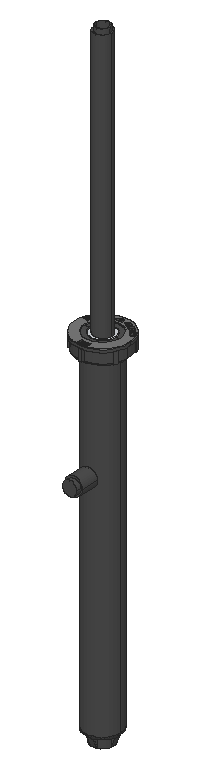
Revit family "Spray Bodies RD1800-S-P-30-F-NP Series", category Acessórios do tubo, Revit 2020
Family settings
  Cota do conector redondo = Utilizar diâmetro
  Tipo de parte = Normal
  Número OmniClass = 23.60.30.11.14
  Título OmniClass = Pipework Fittings
  Com base no plano de trabalho = Não
  Sempre na vertical = Sim
  Corte com vazios quando carregada = Não
  Compartilhado = Não
Parameters (values of type "RD1812-S-P-30-F-NP")
  White Plastic = Purple Plastic
  URL = "https://www.rainbird.com/"
  SupportProjetos: Reviw Date = "15/11/2020"  # constant formula
  SupportProjetos: Reviw = "R01"  # constant formula
  SupportProjetos: Level of Detail = "LOD 300"  # constant formula
  SupportProjetos: Developed = "MICHEL SOARES MOTA"  # constant formula
  SupportProjetos: Creation Date = "13/07/2020"  # constant formula
  Side inlet = Model > 1805  # yes
  RainBird: Product Link = "https://store.rainbird.com/sprinklers/spray-heads.html?sprays_sprayheadseries=117"
  RainBird: Description = "Spray Bodies Serie ED1800 - Model RD1812-S-P-30-F-NP"
  RainBird: Comment [instance] = ""
  RT = 0.3015 cm
  RN = 1 cm
  R5 = 1 cm
  R4 = 1.25 cm
  R3 = 2 cm
  R2 = 2.85 cm
  R1 = 1 cm
  R-VAN = yes
  Pop up height = 30.5 cm
  Pop up on [instance] = yes
  Modelo = "RD1812-S-P-30-F-NP"
  Model = 1812
  H1 = Body height / 3  # 13.5333 cm
  Elevação padrão = 0 cm
  Descrição = RainBird: Description  # "Spray Bodies Serie ED1800 - Model RD1812-S-P-30-F-NP"
  DT8 = 0.08 cm
  DT7 = 3.05 cm
  DT6 = 2 cm
  DT5 = 0.12 cm
  DT4 = 0.5 cm
  DT3 = 0.7973 cm
  DT2 = 1 cm
  DT1 = 1.4 cm
  DD9 = 2 cm
  DD8 [instance] = if(Pop up on, Pop up height, 0 cm)  # 30.5 cm
  DD7 = 0.6 cm
  DD6 = 0.3 cm
  DD5 = 0.2 cm
  DD3 = 1.8 cm
  DD2 = 0.5 cm
  DD13 = 1.5 cm
  DD12 [instance] = if(Pop up on, Pop up height + 1.51 cm, 0 cm)  # 32.01 cm
  DD11 = 0.6254 cm
  DD10 = 2.5 cm
  DD1 = 1.2 cm
  Conection = 1.91 cm  # constant formula
  Body height = 40.6 cm
  Black Plastic 2 = Black Plastic 2
  Black Plastic = Black Plastic
  Arch Angle [instance] = 180.00°
  AA1 = 135.00°
  1812 = yes
  1806 = no
  1804 = no
  180 = no
Types (4, lengths in cm): name | Side inlet | RainBird: Description | Pop up height | Modelo | Model | H1 | Descrição | DD9 | DD8 | DD12 | DD11 | DD10 | Body height | 1812 | 1806 | 1804 | 180
  (no name) | yes | "Spray Bodies Serie ED1800 - Model RD1812-S-P-30-F-NP" | 30.5 | "RD1812-S-P-30-F-NP" | 1812 | 13.5333 | "Spray Bodies Serie ED1800 - Model RD1812-S-P-30-F-NP" | 2 | 30.5 | 32.01 | 0.6254 | 2.5 | 40.6 | yes | no | no | no
  RD1804-S-P-30-F-NP | no | "Spray Bodies Serie RD1800 - Model RD1804-S-P-30-F-NP" | 10.2 | "RD1804-S-P-30-F-NP" | 1804 | 5.0667 | "Spray Bodies Serie RD1800 - Model RD1804-S-P-30-F-NP" | 1.3673 | 10.2 | 11.71 | 0.2 | 2.7818 | 15.2 | no | no | yes | yes
  RD1806-S-P-30-F-NP | yes | "Spray Bodies Serie RD1800 - Model RD1806-S-P-30-F-NP" | 15.2 | "RD1806-S-P-30-F-NP" | 1806 | 7.9333 | "Spray Bodies Serie RD1800 - Model RD1806-S-P-30-F-NP" | 1.3673 | 15.2 | 16.71 | 0.1 | 2.7818 | 23.8 | no | yes | no | yes
  RD1812-S-P-30-F-NP | yes | "Spray Bodies Serie ED1800 - Model RD1812-S-P-30-F-NP" | 30.5 | "RD1812-S-P-30-F-NP" | 1812 | 13.5333 | "Spray Bodies Serie ED1800 - Model RD1812-S-P-30-F-NP" | 2 | 30.5 | 32.01 | 0.6254 | 2.5 | 40.6 | yes | no | no | no
Reference planes (cm)
  plane 1 "Centro (Frente/Trás)": y = 0
  plane 2: z = 0
  plane 3 "Centro (Esquerda/Direita)": x = 0
  plane 4: z = 0.12
  plane 5: z = 0.08
  plane 6: y = -2
Forms (cm)
  Revolve 1, solid, material "Black Plastic" <- "Black Plastic"
    sketch origin (0, 0, 0) x (1, 0, 0) y (0, 0, 1)
      loop
        line (2.85, -1.5672) -> (2.85, -0.3) -> (3.05, -0.3) -> (3.05, 0) -> (1.4, 0) -> (1.4, -1) -> (1, -1) -> (1, -30.5) -> (0.6, -30.5) -> (0.6, -39.4) -> (1, -39.4) -> (1, -40.6) -> (1.25, -40.6) -> (1.25, -39.4) -> (1.6985, -39.4)
        arc (1.6985, -39.4) -> (1.9117, -39.3117) -> (2, -39.0985) r 0.3015
        line (2, -39.0985) -> (2, -2.1015)
        arc (2, -2.1015) -> (2.0883, -1.8883) -> (2.3015, -1.8) r 0.3015
        line (2.3015, -1.8) -> (2.6172, -1.8) -> (2.85, -1.5672)
      axis (0, -40.6) -> (0, 0)
    angle from 0 to 360
  Extrusion 2, solid, material "Black Plastic" <- "Black Plastic"
    sketch origin (0, 0, 0) x (1, 0, 0) y (0, 1, 0)
      loop
        circle (0, 0) r 1
    from -30.5 to 30.5
  Extrusion 3, void
    sketch origin (0, 0, 0) x (1, 0, 0) y (0, 1, 0)
      loop
        circle (0, 0) r 1
      loop
        circle (0, 0) r 0.7973
    from 30 to 30.5
  Extrusion 4, solid, material "Black Plastic" <- "Black Plastic", visible <- "180"
    sketch origin (0, -2.5, 0) x (1, 0, 0) y (0, 1, 0)
      loop
        line (-2.231, 3.2135) -> (-2.1644, 3.3339) -> (-2.3679, 3.3844) -> (-2.2992, 3.5085) -> (-2.0365, 3.4904) -> (-1.9715, 3.608) -> (-2.2887, 3.6298) -> (-2.4263, 3.706) -> (-2.6398, 3.6445) -> (-2.8298, 3.3622) -> (-2.231, 3.2135)
      loop
        line (-2.6663, 3.4585) -> (-2.4339, 3.4008) -> (-2.3526, 3.5478) -> (-2.4178, 3.6107) -> (-2.5587, 3.5701) -> (-2.6663, 3.4585)
      loop
        line (-1.9163, 3.7039) -> (-1.8175, 3.8064) -> (-1.8808, 3.8933) -> (-1.7232, 4.0568) -> (-1.6371, 4.0092) -> (-1.5763, 4.1193) -> (-2.1283, 4.1963) -> (-2.2118, 4.1098) -> (-1.9163, 3.7039)
      loop
        line (-2.0723, 4.0915) -> (-1.9537, 3.9286) -> (-1.8139, 4.0736) -> (-2.0723, 4.0915)
      loop
        line (-1.8177, 4.5186) -> (-1.3486, 4.2146) -> (-1.2727, 4.2934) -> (-1.7417, 4.5974) -> (-1.8177, 4.5186)
      loop
        line (-1.1151, 4.372) -> (-1.0305, 4.4599) -> (-1.2636, 4.6846) -> (-0.7593, 4.6142) -> (-0.6667, 4.7103) -> (-1.0803, 5.0567) -> (-1.1605, 4.9984) -> (-0.8466, 4.7354) -> (-1.4131, 4.8145) -> (-1.5049, 4.7477) -> (-1.1151, 4.372)
      loop
        line (-0.4562, 4.9237) -> (-0.283, 4.8466) -> (-0.0843, 4.7934) -> (0, 4.9138) -> (0.2358, 4.8722) -> (0.2981, 4.9345) -> (0.116, 5.0156) -> (0.2085, 5.1477) -> (-0.0336, 5.3172) -> (-0.0336, 5.1849) -> (-0.0336, 5.0821) -> (-0.1724, 5.1439) -> (-0.2428, 5.1033) -> (-0.1476, 5.0081) -> (-0.274, 4.9621) -> (-0.4562, 4.9237)
      loop
        line (0.6147, 4.7728) -> (0.9327, 4.5929) -> (1.0885, 4.5721) -> (1.1808, 4.6694) -> (1.1317, 4.7723) -> (1.2619, 4.7549) -> (1.334, 4.8309) -> (1.2754, 4.9539) -> (0.9573, 5.1338) -> (0.6147, 4.7728)
      loop
        line (0.8462, 4.8897) -> (0.7501, 4.7884) -> (0.9556, 4.6722) -> (1.0744, 4.6732) -> (1.0734, 4.7801) -> (0.8462, 4.8897)
      loop
        line (0.9989, 5.0507) -> (0.9222, 4.9699) -> (1.1173, 4.8595) -> (1.2037, 4.8602) -> (1.1883, 4.9435) -> (0.9989, 5.0507)
      loop
        line (1.2199, 4.4305) -> (1.3171, 4.3754) -> (1.7079, 4.7092) -> (1.6106, 4.7642) -> (1.2199, 4.4305)
      loop
        line (1.9335, 4.5079) -> (1.472, 4.2878) -> (1.5637, 4.2008) -> (1.7245, 4.2775) -> (1.8813, 4.1484) -> (1.7689, 4.0299) -> (1.857, 3.9063) -> (1.985, 3.9976) -> (2.0031, 4.1334) -> (2.1114, 4.0951) -> (2.2369, 4.155) -> (2.156, 4.3246) -> (1.9335, 4.5079)
      loop
        line (1.9261, 4.4053) -> (1.8225, 4.3559) -> (1.9436, 4.2141) -> (2.1112, 4.2155) -> (2.0556, 4.3321) -> (1.9261, 4.4053)
      loop
        line (1.9557, 3.8215) -> (2.1968, 3.4836) -> (2.3925, 3.4143) -> (2.7137, 3.5675) -> (2.6804, 3.6964) -> (2.4921, 3.9603) -> (1.9557, 3.8215)
      loop
        line (2.1302, 3.7523) -> (2.2577, 3.5736) -> (2.4889, 3.5756) -> (2.5959, 3.652) -> (2.4629, 3.8384) -> (2.1302, 3.7523)
      loop
        line (-0.516, -0.0627) -> (-0.4245, -0.0627) -> (-0.4245, -0.3834) -> (-0.3366, -0.3834) -> (-0.3366, 0.1166) -> (-0.516, -0.0627)
      loop
        line (-0.2745, 0.1165) -> (-0.2745, -0.3834) -> (-0.0345, -0.3834) -> (-0.0345, 0.1165) -> (-0.2745, 0.1165)
      loop
        line (-0.1945, 0.0365) -> (-0.1945, -0.0861) -> (-0.1145, -0.0861) -> (-0.1145, 0.0365) -> (-0.1945, 0.0365)
      loop
        line (-0.1945, -0.1661) -> (-0.1945, -0.3034) -> (-0.1145, -0.3034) -> (-0.1145, -0.1661) -> (-0.1945, -0.1661)
      loop
        line (0.0395, 0.1165) -> (0.0395, -0.3834) -> (0.2795, -0.3834) -> (0.2795, 0.1165) -> (0.0395, 0.1165)
      loop
        line (0.1195, 0.0365) -> (0.1195, -0.3034) -> (0.1995, -0.3034) -> (0.1995, 0.0365) -> (0.1195, 0.0365)
    from 0 to 0.12
  Extrusion 5, solid, material "Black Plastic 2" <- "Black Plastic 2"
    sketch origin (0, 0, 0) x (1, 0, 0) y (0, 1, 0)
      loop
        circle (0, 0) r 3.05
      loop
        circle (0, 0) r 2
    from 0 to 0.08
  Extrusion 6, solid, material "Black Plastic" <- "Black Plastic", visible <- "Side inlet"
    sketch origin (0, 0, 0) x (1, 0, 0) y (0, 0, 1)
      loop
        circle (0, -13.5333) r 1
    from 2 to 4
  Extrusion 7, solid, material "Black Plastic" <- "Black Plastic", visible <- "Side inlet"
    sketch origin (0, 0, 0) x (1, 0, 0) y (0, 0, 1)
      loop
        circle (0, -13.5333) r 0.7964
    from 4 to 4.5
  Extrusion 8, void
    sketch origin (0, 0, 0) x (1, 0, 0) y (0, 1, 0)
      loop
        circle (0, 0) r 0.6963
    from -30.5 to 30.5
  Extrusion 9, solid, material "Black Plastic" <- "Black Plastic"
    sketch origin (0, 0, 0) x (0, 1, 0) y (0, 0, 1)
      loop
        line (1.25, -39.4) -> (1.25, -40.6) -> (1.75, -39.4) -> (1.25, -39.4)
      loop
        line (-1.25, -39.4) -> (-1.75, -39.4) -> (-1.25, -40.6) -> (-1.25, -39.4)
    from -0.3127 to 0.3127
  Extrusion 10, solid, material "Black Plastic" <- "Black Plastic"
    sketch origin (0, 0, 0) x (-1, 0, 0) y (0, 0, 1)
      loop
        line (1.25, -39.4) -> (1.25, -40.6) -> (1.75, -39.4) -> (1.25, -39.4)
      loop
        line (-1.25, -39.4) -> (-1.75, -39.4) -> (-1.25, -40.6) -> (-1.25, -39.4)
    from -0.3127 to 0.3127
  Extrusion 11, solid, material "Black Plastic" <- "Black Plastic", visible <- "1804"
    sketch origin (0.5778, -2.5, 0) x (1, 0, 0) y (0, 1, 0)
      loop
        line (-0.268, -0.156) -> (-0.108, -0.156) -> (-0.108, -0.3834) -> (-0.024, -0.3834) -> (-0.024, 0.1165) -> (-0.108, 0.1165) -> (-0.108, -0.0861) -> (-0.188, -0.0861) -> (-0.188, 0.1165) -> (-0.268, 0.1165) -> (-0.268, -0.156)
    from 0 to 0.12
  Extrusion 12, solid, material "Black Plastic" <- "Black Plastic", visible <- "1806"
    sketch origin (0.5778, -2.5, 0) x (1, 0, 0) y (0, 1, 0)
      loop
        line (-0.268, -0.3834) -> (-0.024, -0.3834) -> (-0.024, -0.0861) -> (-0.188, -0.0861) -> (-0.188, 0.0365) -> (-0.024, 0.0365) -> (-0.024, 0.1165) -> (-0.268, 0.1165) -> (-0.268, -0.3834)
      loop
        line (-0.188, -0.1661) -> (-0.188, -0.3034) -> (-0.108, -0.3034) -> (-0.108, -0.1661) -> (-0.188, -0.1661)
    from 0 to 0.12
  Extrusion 13, solid, material "Black Plastic" <- "Black Plastic", visible <- "1812"
    sketch origin (0, -2.5, 0) x (1, 0, 0) y (0, 1, 0)
      loop
        line (-2.231, 3.2135) -> (-2.1644, 3.3339) -> (-2.3679, 3.3844) -> (-2.2992, 3.5085) -> (-2.0365, 3.4904) -> (-1.9715, 3.608) -> (-2.2887, 3.6298) -> (-2.4263, 3.706) -> (-2.6398, 3.6445) -> (-2.8298, 3.3622) -> (-2.231, 3.2135)
      loop
        line (-2.6663, 3.4585) -> (-2.4339, 3.4008) -> (-2.3526, 3.5478) -> (-2.4178, 3.6107) -> (-2.5587, 3.5701) -> (-2.6663, 3.4585)
      loop
        line (-1.9163, 3.7039) -> (-1.8175, 3.8064) -> (-1.8808, 3.8933) -> (-1.7232, 4.0568) -> (-1.6371, 4.0092) -> (-1.5763, 4.1193) -> (-2.1283, 4.1963) -> (-2.2118, 4.1098) -> (-1.9163, 3.7039)
      loop
        line (-2.0723, 4.0915) -> (-1.9537, 3.9286) -> (-1.8139, 4.0736) -> (-2.0723, 4.0915)
      loop
        line (-1.8177, 4.5186) -> (-1.3486, 4.2146) -> (-1.2727, 4.2934) -> (-1.7417, 4.5974) -> (-1.8177, 4.5186)
      loop
        line (-1.1151, 4.372) -> (-1.0305, 4.4599) -> (-1.2636, 4.6846) -> (-0.7593, 4.6142) -> (-0.6667, 4.7103) -> (-1.0803, 5.0567) -> (-1.1605, 4.9984) -> (-0.8466, 4.7354) -> (-1.4131, 4.8145) -> (-1.5049, 4.7477) -> (-1.1151, 4.372)
      loop
        line (-0.4562, 4.9237) -> (-0.283, 4.8466) -> (-0.0843, 4.7934) -> (0, 4.9138) -> (0.2358, 4.8722) -> (0.2981, 4.9345) -> (0.116, 5.0156) -> (0.2085, 5.1477) -> (-0.0336, 5.3172) -> (-0.0336, 5.1849) -> (-0.0336, 5.0821) -> (-0.1724, 5.1439) -> (-0.2428, 5.1033) -> (-0.1476, 5.0081) -> (-0.274, 4.9621) -> (-0.4562, 4.9237)
      loop
        line (0.6147, 4.7728) -> (0.9327, 4.5929) -> (1.0885, 4.5721) -> (1.1808, 4.6694) -> (1.1317, 4.7723) -> (1.2619, 4.7549) -> (1.334, 4.8309) -> (1.2754, 4.9539) -> (0.9573, 5.1338) -> (0.6147, 4.7728)
      loop
        line (0.8462, 4.8897) -> (0.7501, 4.7884) -> (0.9556, 4.6722) -> (1.0744, 4.6732) -> (1.0734, 4.7801) -> (0.8462, 4.8897)
      loop
        line (0.9989, 5.0507) -> (0.9222, 4.9699) -> (1.1173, 4.8595) -> (1.2037, 4.8602) -> (1.1883, 4.9435) -> (0.9989, 5.0507)
      loop
        line (1.2199, 4.4305) -> (1.3171, 4.3754) -> (1.7079, 4.7092) -> (1.6106, 4.7642) -> (1.2199, 4.4305)
      loop
        line (1.9335, 4.5079) -> (1.472, 4.2878) -> (1.5637, 4.2008) -> (1.7245, 4.2775) -> (1.8813, 4.1484) -> (1.7689, 4.0299) -> (1.857, 3.9063) -> (1.985, 3.9976) -> (2.0031, 4.1334) -> (2.1114, 4.0951) -> (2.2369, 4.155) -> (2.156, 4.3246) -> (1.9335, 4.5079)
      loop
        line (1.9261, 4.4053) -> (1.8225, 4.3559) -> (1.9436, 4.2141) -> (2.1112, 4.2155) -> (2.0556, 4.3321) -> (1.9261, 4.4053)
      loop
        line (1.9557, 3.8215) -> (2.1968, 3.4836) -> (2.3925, 3.4143) -> (2.7137, 3.5675) -> (2.6804, 3.6964) -> (2.4921, 3.9603) -> (1.9557, 3.8215)
      loop
        line (2.1302, 3.7523) -> (2.2577, 3.5736) -> (2.4889, 3.5756) -> (2.5959, 3.652) -> (2.4629, 3.8384) -> (2.1302, 3.7523)
      loop
        line (-0.516, -0.0625) -> (-0.4245, -0.0625) -> (-0.4245, -0.3832) -> (-0.3366, -0.3832) -> (-0.3366, 0.1168) -> (-0.516, -0.0625)
      loop
        line (-0.2745, 0.1166) -> (-0.2745, -0.3832) -> (-0.0345, -0.3832) -> (-0.0345, 0.1166) -> (-0.2745, 0.1166)
      loop
        line (-0.1945, 0.0366) -> (-0.1945, -0.086) -> (-0.1145, -0.086) -> (-0.1145, 0.0366) -> (-0.1945, 0.0366)
      loop
        line (-0.1945, -0.166) -> (-0.1945, -0.3032) -> (-0.1145, -0.3032) -> (-0.1145, -0.166) -> (-0.1945, -0.166)
      loop
        line (0.2795, 0.1166) -> (0.1002, -0.0625) -> (0.1916, -0.0625) -> (0.1916, -0.3831) -> (0.2795, -0.3831) -> (0.2795, 0.1166)
      loop
        line (0.3097, 0.1165) -> (0.3097, 0.0365) -> (0.4697, 0.0365) -> (0.4697, -0.0861) -> (0.3097, -0.0861) -> (0.3097, -0.3834) -> (0.5537, -0.3834) -> (0.5537, -0.3032) -> (0.3897, -0.3032) -> (0.3897, -0.1664) -> (0.5537, -0.1664) -> (0.5537, 0.1165) -> (0.3097, 0.1165)
    from 0 to 0.12
  Extrusion 14, solid, material "Black Plastic" <- "Black Plastic"
    sketch origin (0, 0, 0) x (1, 0, 0) y (0, 1, 0)
      loop
        line (-0.1873, 3.0442) -> (-0.1873, 2.8126)
        arc (-0.1873, 2.8126) -> (0, 2.8188) -> (0.1873, 2.8126) r 2.8188
        line (0.1873, 2.8126) -> (0.1873, 3.0442)
        arc (0.1873, 3.0442) -> (0, 3.05) -> (-0.1873, 3.0442) r 3.05
      loop
        arc (-0.1873, -3.0442) -> (0, -3.05) -> (0.1873, -3.0442) r 3.05
        line (0.1873, -3.0442) -> (0.1873, -2.8126)
        arc (0.1873, -2.8126) -> (0, -2.8188) -> (-0.1873, -2.8126) r 2.8188
        line (-0.1873, -2.8126) -> (-0.1873, -3.0442)
      loop
        line (-2.73, 1.3599) -> (-2.5294, 1.2441)
        arc (-2.5294, 1.2441) -> (-2.4411, 1.4094) -> (-2.3421, 1.5685) r 2.8188
        line (-2.3421, 1.5685) -> (-2.5427, 1.6843)
        arc (-2.5427, 1.6843) -> (-2.6414, 1.525) -> (-2.73, 1.3599) r 3.05
      loop
        arc (2.5427, -1.6843) -> (2.6414, -1.525) -> (2.73, -1.3599) r 3.05
        line (2.73, -1.3599) -> (2.5294, -1.2441)
        arc (2.5294, -1.2441) -> (2.4411, -1.4094) -> (2.3421, -1.5685) r 2.8188
        line (2.3421, -1.5685) -> (2.5427, -1.6843)
      loop
        line (-2.5427, -1.6843) -> (-2.3421, -1.5685)
        arc (-2.3421, -1.5685) -> (-2.4411, -1.4094) -> (-2.5294, -1.2441) r 2.8188
        line (-2.5294, -1.2441) -> (-2.73, -1.3599)
        arc (-2.73, -1.3599) -> (-2.6414, -1.525) -> (-2.5427, -1.6843) r 3.05
      loop
        arc (2.73, 1.3599) -> (2.6414, 1.525) -> (2.5427, 1.6843) r 3.05
        line (2.5427, 1.6843) -> (2.3421, 1.5685)
        arc (2.3421, 1.5685) -> (2.4411, 1.4094) -> (2.5294, 1.2441) r 2.8188
        line (2.5294, 1.2441) -> (2.73, 1.3599)
    from -1.5672 to -0.3
Cuts and joins
  Extrusion 3, Extrusion 8 cuts Extrusion 2
Dimensions and locks (cm)
  "Body height": level to Revolve 1 sketch curve
  "R2": Revolve 1 sketch curve to plane 3 "Centro (Esquerda/Direita)"
  "DD1": Revolve 1 sketch curve to Revolve 1 sketch curve
  "DD3": level to Revolve 1 sketch curve
  "R3": Revolve 1 sketch curve to plane 3 "Centro (Esquerda/Direita)"
  "R4": Revolve 1 sketch curve to plane 3 "Centro (Esquerda/Direita)"
  "DD5": Revolve 1 sketch curve to Revolve 1 sketch curve
  "DD6": level to Revolve 1 sketch curve
  "RN": Revolve 1 sketch curve to plane 3 "Centro (Esquerda/Direita)"
  "Pop up height": level to Revolve 1 sketch curve
  "R5": plane 3 "Centro (Esquerda/Direita)" to Revolve 1 sketch curve
  "DD7": Revolve 1 sketch curve to plane 3 "Centro (Esquerda/Direita)"
  "DT1": plane 3 "Centro (Esquerda/Direita)" to Revolve 1 sketch curve
  "DT2": level to Revolve 1 sketch curve
  "DD8": Extrusion 2 to level
  "DT4": cut or joined group of Extrusion 2, Extrusion 3, Extrusion 8 to cut or joined group of Extrusion 2, Extrusion 3, Extrusion 8
  "DT5": plane 4 to level
  "DT8": plane 5 to level
  "H1": level to Extrusion 6 sketch curve
  "R3": plane 6 to plane 1 "Centro (Frente/Trás)"
  "DD9": Extrusion 6 to plane 6
  locked: Extrusion 7 to Extrusion 6 at 0.5
  "H1": level to Extrusion 7 sketch curve
  equal spacing: Extrusion 9, plane 3 "Centro (Esquerda/Direita)", Extrusion 9
  "DD11": Extrusion 9 to Extrusion 9
  equal spacing: Extrusion 10, plane 1 "Centro (Frente/Trás)", Extrusion 10
  "DD11": Extrusion 10 to Extrusion 10
  plane 3 "Centro (Esquerda/Direita)" to Extrusion 14 = 0.1873 cm
  "RT": radius of Revolve 1 sketch curve  (x2)
  "R1": radius of Extrusion 2 sketch curve
  "R1": radius of Extrusion 3 sketch curve
  "DT3": radius of Extrusion 3 sketch curve
  "DT6": radius of Extrusion 5 sketch curve
  "DT7": radius of Extrusion 5 sketch curve
  "AA1": angle Revolve 1 sketch curve to Revolve 1 sketch curve
  aligned and locked: level to plane 2
  aligned and locked: level to Revolve 1 sketch curve
  aligned and locked: Revolve 1 sketch curve to Revolve 1 sketch curve
  aligned and locked: Extrusion 2 to Revolve 1
  aligned and locked: cut or joined group of Extrusion 2, Extrusion 3, Extrusion 8 to cut or joined group of Extrusion 2, Extrusion 3, Extrusion 8  (x3)
  aligned and locked: Extrusion 4 to level
  aligned and locked: plane 4 to Extrusion 4
  aligned and locked: Extrusion 5 to level
  aligned and locked: plane 5 to Extrusion 5
  aligned and locked: plane 6 to Extrusion 6
  aligned and locked: Extrusion 7 to Extrusion 6
  aligned and locked: Extrusion 9 to Revolve 1
  aligned and locked: Extrusion 10 to Revolve 1
  aligned and locked: Revolve 1 to Extrusion 10
  aligned and locked: Revolve 1 to Extrusion 9
  aligned and locked: Revolve 1 to Extrusion 14  (x2)
Automatic sketch dimensions
  plane 1 "Centro (Frente/Trás)" to Extrusion 2 sketch curve = 0 cm
  Extrusion 2 sketch curve to plane 3 "Centro (Esquerda/Direita)" = 0 cm
  Extrusion 4 sketch curve to plane 3 "Centro (Esquerda/Direita)" = 0 cm
  Extrusion 4 sketch curve to plane 3 "Centro (Esquerda/Direita)" = 0.0336 cm
  Extrusion 4 sketch curve to plane 3 "Centro (Esquerda/Direita)" = 0.0345 cm
  Extrusion 4 sketch curve to plane 3 "Centro (Esquerda/Direita)" = 0.0843 cm
  Extrusion 4 sketch curve to plane 3 "Centro (Esquerda/Direita)" = 0.1145 cm
  Extrusion 4 sketch curve to Extrusion 4 sketch curve = 0.08 cm  (x11)
  Extrusion 4 sketch curve to Extrusion 4 sketch curve = 0.114 cm
  Extrusion 4 sketch curve to Extrusion 4 sketch curve = 0.0248 cm
  Extrusion 4 sketch curve to Extrusion 4 sketch curve = 0.0704 cm
  Extrusion 4 sketch curve to Extrusion 4 sketch curve = 0.1264 cm
  Extrusion 4 sketch curve to Extrusion 4 sketch curve = 0.009 cm
  Extrusion 4 sketch curve to Extrusion 4 sketch curve = 0.0622 cm  (x3)
  Extrusion 4 sketch curve to Extrusion 4 sketch curve = 0.0879 cm
  Extrusion 4 sketch curve to Extrusion 4 sketch curve = 0.1822 cm
  Extrusion 4 sketch curve to Extrusion 4 sketch curve = 0.0914 cm
  Extrusion 4 sketch curve to Extrusion 4 sketch curve = 0.2105 cm
  Extrusion 4 sketch curve to Extrusion 4 sketch curve = 0.0927 cm
  Extrusion 4 sketch curve to Extrusion 4 sketch curve = 0.0872 cm  (x2)
  Extrusion 4 sketch curve to Extrusion 4 sketch curve = 0.2711 cm
  Extrusion 4 sketch curve to Extrusion 4 sketch curve = 0.2338 cm
  Extrusion 4 sketch curve to Extrusion 4 sketch curve = 0.0847 cm  (x2)
  Extrusion 4 sketch curve to Extrusion 4 sketch curve = 0.0802 cm
  Extrusion 4 sketch curve to Extrusion 4 sketch curve = 0.2331 cm
  Extrusion 4 sketch curve to Extrusion 4 sketch curve = 0.1575 cm
  Extrusion 4 sketch curve to Extrusion 4 sketch curve = 0.0759 cm  (x2)
  Extrusion 4 sketch curve to Extrusion 4 sketch curve = 0.1495 cm
  Extrusion 4 sketch curve to Extrusion 4 sketch curve = 0.0917 cm  (x2)
  Extrusion 4 sketch curve to Extrusion 4 sketch curve = 0.2277 cm
  Extrusion 4 sketch curve to Extrusion 4 sketch curve = 0.0609 cm  (x2)
  Extrusion 4 sketch curve to Extrusion 4 sketch curve = 0.0861 cm
  Extrusion 4 sketch curve to Extrusion 4 sketch curve = 0.2369 cm
  Extrusion 4 sketch curve to Extrusion 4 sketch curve = 0.0907 cm
  Extrusion 4 sketch curve to Extrusion 4 sketch curve = 0.0037 cm
  Extrusion 4 sketch curve to Extrusion 4 sketch curve = 0.0633 cm
  Extrusion 4 sketch curve to Extrusion 4 sketch curve = 0.0988 cm
  Extrusion 4 sketch curve to Extrusion 4 sketch curve = 0.0729 cm
  Extrusion 4 sketch curve to Extrusion 4 sketch curve = 0.0551 cm
  Extrusion 4 sketch curve to plane 1 "Centro (Frente/Trás)" = 0.9904 cm
  Extrusion 4 sketch curve to Extrusion 4 sketch curve = 0.065 cm
  Extrusion 4 sketch curve to Extrusion 4 sketch curve = 0.1186 cm
  Extrusion 4 sketch curve to Extrusion 4 sketch curve = 0.056 cm
  Extrusion 4 sketch curve to plane 1 "Centro (Frente/Trás)" = 0.8339 cm
  Extrusion 4 sketch curve to Extrusion 4 sketch curve = 0.1279 cm
  Extrusion 4 sketch curve to Extrusion 4 sketch curve = 0.0835 cm
  Extrusion 4 sketch curve to plane 1 "Centro (Frente/Trás)" = 0.7135 cm
  Extrusion 4 sketch curve to Extrusion 4 sketch curve = 0.0666 cm  (x2)
  Extrusion 4 sketch curve to plane 1 "Centro (Frente/Trás)" = 1.1298 cm
  Extrusion 4 sketch curve to Extrusion 4 sketch curve = 0.2521 cm
  Extrusion 4 sketch curve to plane 1 "Centro (Frente/Trás)" = 1.0085 cm
  Extrusion 4 sketch curve to Extrusion 4 sketch curve = 0.0106 cm
  Extrusion 4 sketch curve to plane 1 "Centro (Frente/Trás)" = 1.0478 cm
  Extrusion 4 sketch curve to Extrusion 4 sketch curve = 0.0534 cm
  Extrusion 4 sketch curve to plane 1 "Centro (Frente/Trás)" = 0.8844 cm
  Extrusion 4 sketch curve to Extrusion 4 sketch curve = 0.0686 cm
  Extrusion 4 sketch curve to plane 1 "Centro (Frente/Trás)" = 1.1107 cm
  Extrusion 4 sketch curve to Extrusion 4 sketch curve = 0.0652 cm
  Extrusion 4 sketch curve to plane 1 "Centro (Frente/Trás)" = 1.206 cm
  Extrusion 4 sketch curve to Extrusion 4 sketch curve = 0.0084 cm
  Extrusion 4 sketch curve to plane 1 "Centro (Frente/Trás)" = 0.9008 cm
  Extrusion 4 sketch curve to Extrusion 4 sketch curve = 0.066 cm
  Extrusion 4 sketch curve to plane 1 "Centro (Frente/Trás)" = 1.0701 cm
  Extrusion 4 sketch curve to Extrusion 4 sketch curve = 0.1408 cm
  Extrusion 4 sketch curve to plane 1 "Centro (Frente/Trás)" = 1.1445 cm
  Extrusion 4 sketch curve to Extrusion 4 sketch curve = 0.0811 cm  (x2)
  Extrusion 4 sketch curve to plane 1 "Centro (Frente/Trás)" = 0.9585 cm
  Extrusion 4 sketch curve to Extrusion 4 sketch curve = 0.1076 cm
  Extrusion 4 sketch curve to plane 1 "Centro (Frente/Trás)" = 0.8622 cm
  Extrusion 4 sketch curve to Extrusion 4 sketch curve = 0.1635 cm
  plane 3 "Centro (Esquerda/Direita)" to Extrusion 4 sketch curve = 0.0395 cm
  plane 3 "Centro (Esquerda/Direita)" to Extrusion 4 sketch curve = 0.116 cm
  Extrusion 4 sketch curve to Extrusion 4 sketch curve = 0.0925 cm
  Extrusion 4 sketch curve to Extrusion 4 sketch curve = 0.1199 cm
  Extrusion 4 sketch curve to Extrusion 4 sketch curve = 0.3166 cm
  Extrusion 4 sketch curve to Extrusion 4 sketch curve = 0.1353 cm
  Extrusion 4 sketch curve to Extrusion 4 sketch curve = 0.0961 cm  (x2)
  Extrusion 4 sketch curve to Extrusion 4 sketch curve = 0.076 cm  (x2)
  Extrusion 4 sketch curve to Extrusion 4 sketch curve = 0.1827 cm
  Extrusion 4 sketch curve to Extrusion 4 sketch curve = 0.0229 cm
  Extrusion 4 sketch curve to Extrusion 4 sketch curve = 0.0351 cm
  Extrusion 4 sketch curve to Extrusion 4 sketch curve = 0.0416 cm
  Extrusion 4 sketch curve to Extrusion 4 sketch curve = 0.1178 cm
  Extrusion 4 sketch curve to Extrusion 4 sketch curve = 0.0009 cm
  Extrusion 4 sketch curve to Extrusion 4 sketch curve = 0.0141 cm
  Extrusion 4 sketch curve to Extrusion 4 sketch curve = 0.0439 cm
  Extrusion 4 sketch curve to Extrusion 4 sketch curve = 0.0583 cm
  Extrusion 4 sketch curve to Extrusion 4 sketch curve = 0.1064 cm
  Extrusion 4 sketch curve to Extrusion 4 sketch curve = 0.071 cm
  Extrusion 4 sketch curve to Extrusion 4 sketch curve = 0.0154 cm
  Extrusion 4 sketch curve to Extrusion 4 sketch curve = 0.1314 cm
  Extrusion 4 sketch curve to Extrusion 4 sketch curve = 0.0871 cm
  Extrusion 4 sketch curve to Extrusion 4 sketch curve = 0.0973 cm  (x3)
  Extrusion 4 sketch curve to Extrusion 4 sketch curve = 0.0721 cm
  Extrusion 4 sketch curve to Extrusion 4 sketch curve = 0.1549 cm
  Extrusion 4 sketch curve to Extrusion 4 sketch curve = 0.2766 cm
  Extrusion 4 sketch curve to Extrusion 4 sketch curve = 0.1608 cm
  Extrusion 4 sketch curve to Extrusion 4 sketch curve = 0.0443 cm
  Extrusion 4 sketch curve to Extrusion 4 sketch curve = 0.098 cm
  Extrusion 4 sketch curve to Extrusion 4 sketch curve = 0.0882 cm
  Extrusion 4 sketch curve to Extrusion 4 sketch curve = 0.1125 cm
  Extrusion 4 sketch curve to Extrusion 4 sketch curve = 0.1036 cm
  Extrusion 4 sketch curve to Extrusion 4 sketch curve = 0.0073 cm
  Extrusion 4 sketch curve to Extrusion 4 sketch curve = 0.0623 cm
  Extrusion 4 sketch curve to Extrusion 4 sketch curve = 0.0987 cm
  Extrusion 4 sketch curve to Extrusion 4 sketch curve = 0.128 cm
  Extrusion 4 sketch curve to Extrusion 4 sketch curve = 0.0595 cm
  Extrusion 4 sketch curve to Extrusion 4 sketch curve = 0.1295 cm
  Extrusion 4 sketch curve to Extrusion 4 sketch curve = 0.0556 cm
  Extrusion 4 sketch curve to Extrusion 4 sketch curve = 0.1083 cm
  Extrusion 4 sketch curve to Extrusion 4 sketch curve = 0.1745 cm
  Extrusion 4 sketch curve to Extrusion 4 sketch curve = 0.1004 cm
  Extrusion 4 sketch curve to plane 1 "Centro (Frente/Trás)" = 0.9836 cm
  Extrusion 4 sketch curve to Extrusion 4 sketch curve = 0.1255 cm
  Extrusion 4 sketch curve to plane 1 "Centro (Frente/Trás)" = 1.0736 cm
  Extrusion 4 sketch curve to plane 1 "Centro (Frente/Trás)" = 0.9143 cm
  Extrusion 4 sketch curve to Extrusion 4 sketch curve = 0.1957 cm
  Extrusion 4 sketch curve to Extrusion 4 sketch curve = 0.2053 cm
  Extrusion 4 sketch curve to plane 1 "Centro (Frente/Trás)" = 1.0756 cm
  Extrusion 4 sketch curve to Extrusion 4 sketch curve = 0.0964 cm
  Extrusion 4 sketch curve to Extrusion 4 sketch curve = 0.0292 cm
  Extrusion 4 sketch curve to plane 1 "Centro (Frente/Trás)" = 1.152 cm
  Extrusion 4 sketch curve to Extrusion 4 sketch curve = 0.107 cm
  Extrusion 4 sketch curve to plane 1 "Centro (Frente/Trás)" = 1.1964 cm
  Extrusion 4 sketch curve to Extrusion 4 sketch curve = 0.0844 cm
  Extrusion 4 sketch curve to plane 1 "Centro (Frente/Trás)" = 1.0675 cm
  Extrusion 4 sketch curve to Extrusion 4 sketch curve = 0.0333 cm
  Extrusion 4 sketch curve to plane 6 = 0.3834 cm
  Extrusion 4 sketch curve to Extrusion 4 sketch curve = 0.0001 cm
  Extrusion 4 sketch curve to Extrusion 4 sketch curve = 0 cm  (x4)
  Extrusion 4 sketch curve to Extrusion 4 sketch curve = 0.1793 cm
  Extrusion 4 sketch curve to Extrusion 4 sketch curve = 0.1226 cm
  Extrusion 4 sketch curve to Extrusion 4 sketch curve = 0.1372 cm
  Extrusion 4 sketch curve to Extrusion 4 sketch curve = 0.1176 cm
  Extrusion 4 sketch curve to Extrusion 4 sketch curve = 0.096 cm
  Extrusion 4 sketch curve to Extrusion 4 sketch curve = 0.1787 cm
  Extrusion 4 sketch curve to Extrusion 4 sketch curve = 0.1025 cm
  Extrusion 4 sketch curve to Extrusion 4 sketch curve = 0.0692 cm
  Extrusion 4 sketch curve to Extrusion 4 sketch curve = 0.0869 cm
  Extrusion 4 sketch curve to Extrusion 4 sketch curve = 0.0353 cm
  Extrusion 4 sketch curve to Extrusion 4 sketch curve = 0.1219 cm
  Extrusion 4 sketch curve to Extrusion 4 sketch curve = 0.0913 cm
  Extrusion 4 sketch curve to Extrusion 4 sketch curve = 0.1159 cm
  Extrusion 4 sketch curve to Extrusion 4 sketch curve = 0.0476 cm
  Extrusion 4 sketch curve to Extrusion 4 sketch curve = 0.0168 cm
  Extrusion 4 sketch curve to Extrusion 4 sketch curve = 0.1629 cm
  Extrusion 4 sketch curve to Extrusion 4 sketch curve = 0.0975 cm
  Extrusion 4 sketch curve to Extrusion 4 sketch curve = 0.0183 cm
  Extrusion 4 sketch curve to Extrusion 4 sketch curve = 0.0383 cm
  Extrusion 4 sketch curve to Extrusion 4 sketch curve = 0.015 cm
  Extrusion 4 sketch curve to Extrusion 4 sketch curve = 0.0599 cm
  Extrusion 4 sketch curve to Extrusion 4 sketch curve = 0.1049 cm
  Extrusion 4 sketch curve to Extrusion 4 sketch curve = 0.1709 cm
  Extrusion 4 sketch curve to Extrusion 4 sketch curve = 0.0657 cm
  Extrusion 4 sketch curve to Extrusion 4 sketch curve = 0.0953 cm
  Extrusion 4 sketch curve to Extrusion 4 sketch curve = 0.1091 cm
  Extrusion 4 sketch curve to Extrusion 4 sketch curve = 0.0767 cm
  Extrusion 4 sketch curve to Extrusion 4 sketch curve = 0.087 cm
  Extrusion 4 sketch curve to Extrusion 4 sketch curve = 0.0788 cm  (x3)
  Extrusion 4 sketch curve to Extrusion 4 sketch curve = 0.0074 cm
  Extrusion 4 sketch curve to Extrusion 4 sketch curve = 0.0783 cm
  Extrusion 4 sketch curve to Extrusion 4 sketch curve = 0.0787 cm
  Extrusion 4 sketch curve to Extrusion 4 sketch curve = 0.0876 cm
  Extrusion 4 sketch curve to Extrusion 4 sketch curve = 0.0494 cm
  Extrusion 4 sketch curve to Extrusion 4 sketch curve = 0.055 cm  (x2)
  Extrusion 4 sketch curve to Extrusion 4 sketch curve = 0.0878 cm
  Extrusion 4 sketch curve to Extrusion 4 sketch curve = 0.1026 cm
  Extrusion 4 sketch curve to Extrusion 4 sketch curve = 0.2291 cm
  Extrusion 4 sketch curve to Extrusion 4 sketch curve = 0.1417 cm
  Extrusion 4 sketch curve to Extrusion 4 sketch curve = 0.0208 cm
  Extrusion 4 sketch curve to Extrusion 4 sketch curve = 0.1543 cm
  Extrusion 4 sketch curve to Extrusion 4 sketch curve = 0.0792 cm
  Extrusion 4 sketch curve to Extrusion 4 sketch curve = 0.1011 cm
  Extrusion 4 sketch curve to Extrusion 4 sketch curve = 0.2013 cm
  Extrusion 4 sketch curve to Extrusion 4 sketch curve = 0.1212 cm
  Extrusion 4 sketch curve to Extrusion 4 sketch curve = 0.0855 cm
  Extrusion 4 sketch curve to Extrusion 4 sketch curve = 0.0078 cm
  Extrusion 4 sketch curve to Extrusion 4 sketch curve = 0.1007 cm
  Extrusion 4 sketch curve to Extrusion 4 sketch curve = 0.0156 cm
  Extrusion 4 sketch curve to Extrusion 4 sketch curve = 0.0831 cm
  Extrusion 4 sketch curve to Extrusion 4 sketch curve = 0.0668 cm
  Extrusion 4 sketch curve to Extrusion 4 sketch curve = 0.0532 cm
  Extrusion 4 sketch curve to Extrusion 4 sketch curve = 0.0008 cm
  Extrusion 4 sketch curve to Extrusion 4 sketch curve = 0.1013 cm
  Extrusion 4 sketch curve to Extrusion 4 sketch curve = 0.1204 cm
  Extrusion 4 sketch curve to Extrusion 4 sketch curve = 0.0771 cm
  Extrusion 4 sketch curve to Extrusion 4 sketch curve = 0.0832 cm  (x2)
  Extrusion 4 sketch curve to Extrusion 4 sketch curve = 0.0104 cm
  Extrusion 4 sketch curve to Extrusion 4 sketch curve = 0.1155 cm
  Extrusion 4 sketch curve to Extrusion 4 sketch curve = 0.0801 cm
  Extrusion 4 sketch curve to Extrusion 4 sketch curve = 0.1839 cm
  Extrusion 4 sketch curve to Extrusion 4 sketch curve = 0.046 cm
  Extrusion 4 sketch curve to Extrusion 4 sketch curve = 0.1018 cm
  Extrusion 4 sketch curve to Extrusion 4 sketch curve = 0.0808 cm
  Extrusion 4 sketch curve to Extrusion 4 sketch curve = 0.0584 cm
  Extrusion 4 sketch curve to Extrusion 4 sketch curve = 0.074 cm
  Extrusion 4 sketch curve to Extrusion 4 sketch curve = 0.0952 cm
  Extrusion 4 sketch curve to Extrusion 4 sketch curve = 0.0406 cm
  Extrusion 4 sketch curve to Extrusion 4 sketch curve = 0.1321 cm
  Extrusion 4 sketch curve to Extrusion 4 sketch curve = 0.1028 cm
  plane 1 "Centro (Frente/Trás)" to Extrusion 8 sketch curve = 0 cm
  Extrusion 8 sketch curve to plane 3 "Centro (Esquerda/Direita)" = 0 cm
  plane 6 to Extrusion 9 sketch curve = 0.25 cm
  plane 6 to Extrusion 9 sketch curve = 0.75 cm
  Extrusion 9 sketch curve to plane 1 "Centro (Frente/Trás)" = 1.25 cm
  Extrusion 9 sketch curve to Extrusion 9 sketch curve = 0.5 cm
  Extrusion 9 sketch curve to level = 40.6 cm
  Extrusion 9 sketch curve to Extrusion 9 sketch curve = 0 cm
  Extrusion 9 sketch curve to Extrusion 9 sketch curve = 1.2 cm  (x2)
  plane 3 "Centro (Esquerda/Direita)" to Extrusion 10 sketch curve = 1.75 cm
  plane 3 "Centro (Esquerda/Direita)" to Extrusion 10 sketch curve = 1.25 cm
  Extrusion 10 sketch curve to plane 3 "Centro (Esquerda/Direita)" = 1.25 cm
  Extrusion 10 sketch curve to Extrusion 10 sketch curve = 0.5 cm
  Extrusion 10 sketch curve to level = 40.6 cm
  Extrusion 10 sketch curve to Extrusion 10 sketch curve = 0 cm
  Extrusion 10 sketch curve to Extrusion 10 sketch curve = 1.2 cm  (x2)
  plane 3 "Centro (Esquerda/Direita)" to Extrusion 11 sketch curve = 0.3097 cm
  Extrusion 11 sketch curve to Extrusion 11 sketch curve = 0.08 cm  (x2)
  Extrusion 11 sketch curve to Extrusion 11 sketch curve = 0 cm  (x2)
  Extrusion 11 sketch curve to Extrusion 11 sketch curve = 0.084 cm
  Extrusion 11 sketch curve to plane 6 = 0.8834 cm
  Extrusion 11 sketch curve to Extrusion 11 sketch curve = 0.2273 cm
  Extrusion 11 sketch curve to Extrusion 11 sketch curve = 0.0699 cm
  Extrusion 11 sketch curve to Extrusion 11 sketch curve = 0.2026 cm
  plane 3 "Centro (Esquerda/Direita)" to Extrusion 12 sketch curve = 0.3097 cm
  Extrusion 12 sketch curve to Extrusion 12 sketch curve = 0.08 cm  (x6)
  Extrusion 12 sketch curve to Extrusion 12 sketch curve = 0.084 cm
  Extrusion 12 sketch curve to Extrusion 12 sketch curve = 0.164 cm
  Extrusion 12 sketch curve to plane 6 = 0.8834 cm
  Extrusion 12 sketch curve to Extrusion 12 sketch curve = 0.1372 cm
  Extrusion 12 sketch curve to Extrusion 12 sketch curve = 0.1226 cm
  Extrusion 13 sketch curve to plane 3 "Centro (Esquerda/Direita)" = 0 cm
  Extrusion 13 sketch curve to plane 3 "Centro (Esquerda/Direita)" = 0.0336 cm
  Extrusion 13 sketch curve to plane 3 "Centro (Esquerda/Direita)" = 0.0345 cm
  Extrusion 13 sketch curve to plane 3 "Centro (Esquerda/Direita)" = 0.0843 cm
  Extrusion 13 sketch curve to plane 3 "Centro (Esquerda/Direita)" = 0.1145 cm
  Extrusion 13 sketch curve to Extrusion 13 sketch curve = 0 cm  (x2)
  Extrusion 13 sketch curve to Extrusion 13 sketch curve = 0.114 cm
  Extrusion 13 sketch curve to Extrusion 13 sketch curve = 0.0248 cm
  Extrusion 13 sketch curve to Extrusion 13 sketch curve = 0.08 cm  (x8)
  Extrusion 13 sketch curve to Extrusion 13 sketch curve = 0.0704 cm
  Extrusion 13 sketch curve to Extrusion 13 sketch curve = 0.1264 cm
  Extrusion 13 sketch curve to Extrusion 13 sketch curve = 0.009 cm
  Extrusion 13 sketch curve to Extrusion 13 sketch curve = 0.0622 cm  (x3)
  Extrusion 13 sketch curve to Extrusion 13 sketch curve = 0.0879 cm  (x2)
  Extrusion 13 sketch curve to Extrusion 13 sketch curve = 0.1822 cm
  Extrusion 13 sketch curve to Extrusion 13 sketch curve = 0.0914 cm
  Extrusion 13 sketch curve to Extrusion 13 sketch curve = 0.2105 cm
  Extrusion 13 sketch curve to Extrusion 13 sketch curve = 0.0927 cm
  Extrusion 13 sketch curve to Extrusion 13 sketch curve = 0.0872 cm  (x2)
  Extrusion 13 sketch curve to Extrusion 13 sketch curve = 0.2711 cm
  Extrusion 13 sketch curve to Extrusion 13 sketch curve = 0.2338 cm
  Extrusion 13 sketch curve to Extrusion 13 sketch curve = 0.0847 cm  (x2)
  Extrusion 13 sketch curve to Extrusion 13 sketch curve = 0.0802 cm
  Extrusion 13 sketch curve to Extrusion 13 sketch curve = 0.2331 cm
  Extrusion 13 sketch curve to Extrusion 13 sketch curve = 0.1575 cm
  Extrusion 13 sketch curve to Extrusion 13 sketch curve = 0.0759 cm  (x2)
  Extrusion 13 sketch curve to Extrusion 13 sketch curve = 0.1495 cm
  Extrusion 13 sketch curve to Extrusion 13 sketch curve = 0.0917 cm  (x2)
  Extrusion 13 sketch curve to Extrusion 13 sketch curve = 0.2277 cm
  Extrusion 13 sketch curve to Extrusion 13 sketch curve = 0.0609 cm  (x2)
  Extrusion 13 sketch curve to Extrusion 13 sketch curve = 0.0861 cm
  Extrusion 13 sketch curve to Extrusion 13 sketch curve = 0.2369 cm
  Extrusion 13 sketch curve to Extrusion 13 sketch curve = 0.0907 cm
  Extrusion 13 sketch curve to Extrusion 13 sketch curve = 0.0037 cm
  Extrusion 13 sketch curve to Extrusion 13 sketch curve = 0.0633 cm
  Extrusion 13 sketch curve to Extrusion 13 sketch curve = 0.0988 cm
  Extrusion 13 sketch curve to Extrusion 13 sketch curve = 0.0729 cm
  Extrusion 13 sketch curve to Extrusion 13 sketch curve = 0.0551 cm
  Extrusion 13 sketch curve to plane 1 "Centro (Frente/Trás)" = 0.9904 cm
  Extrusion 13 sketch curve to Extrusion 13 sketch curve = 0.065 cm
  Extrusion 13 sketch curve to Extrusion 13 sketch curve = 0.1186 cm
  Extrusion 13 sketch curve to Extrusion 13 sketch curve = 0.056 cm
  Extrusion 13 sketch curve to plane 1 "Centro (Frente/Trás)" = 0.8339 cm
  Extrusion 13 sketch curve to Extrusion 13 sketch curve = 0.1279 cm
  Extrusion 13 sketch curve to Extrusion 13 sketch curve = 0.0835 cm
  Extrusion 13 sketch curve to plane 1 "Centro (Frente/Trás)" = 0.7135 cm
  Extrusion 13 sketch curve to Extrusion 13 sketch curve = 0.0666 cm  (x2)
  Extrusion 13 sketch curve to plane 1 "Centro (Frente/Trás)" = 1.1298 cm
  Extrusion 13 sketch curve to Extrusion 13 sketch curve = 0.2521 cm
  Extrusion 13 sketch curve to plane 1 "Centro (Frente/Trás)" = 1.0085 cm
  Extrusion 13 sketch curve to Extrusion 13 sketch curve = 0.0106 cm
  Extrusion 13 sketch curve to plane 1 "Centro (Frente/Trás)" = 1.0478 cm
  Extrusion 13 sketch curve to Extrusion 13 sketch curve = 0.0534 cm
  Extrusion 13 sketch curve to plane 1 "Centro (Frente/Trás)" = 0.8844 cm
  Extrusion 13 sketch curve to Extrusion 13 sketch curve = 0.0686 cm
  Extrusion 13 sketch curve to plane 1 "Centro (Frente/Trás)" = 1.1107 cm
  Extrusion 13 sketch curve to Extrusion 13 sketch curve = 0.0652 cm
  Extrusion 13 sketch curve to plane 1 "Centro (Frente/Trás)" = 1.206 cm
  Extrusion 13 sketch curve to Extrusion 13 sketch curve = 0.0084 cm
  Extrusion 13 sketch curve to plane 1 "Centro (Frente/Trás)" = 0.9008 cm
  Extrusion 13 sketch curve to Extrusion 13 sketch curve = 0.066 cm
  Extrusion 13 sketch curve to plane 1 "Centro (Frente/Trás)" = 1.0701 cm
  Extrusion 13 sketch curve to Extrusion 13 sketch curve = 0.1408 cm
  Extrusion 13 sketch curve to plane 1 "Centro (Frente/Trás)" = 1.1445 cm
  Extrusion 13 sketch curve to Extrusion 13 sketch curve = 0.0811 cm  (x2)
  Extrusion 13 sketch curve to plane 1 "Centro (Frente/Trás)" = 0.9585 cm
  Extrusion 13 sketch curve to Extrusion 13 sketch curve = 0.1076 cm
  Extrusion 13 sketch curve to plane 1 "Centro (Frente/Trás)" = 0.8622 cm
  Extrusion 13 sketch curve to Extrusion 13 sketch curve = 0.1635 cm
  plane 3 "Centro (Esquerda/Direita)" to Extrusion 13 sketch curve = 0.1002 cm
  plane 3 "Centro (Esquerda/Direita)" to Extrusion 13 sketch curve = 0.116 cm
  plane 3 "Centro (Esquerda/Direita)" to Extrusion 13 sketch curve = 0.1916 cm
  Extrusion 13 sketch curve to Extrusion 13 sketch curve = 0.0925 cm
  Extrusion 13 sketch curve to Extrusion 13 sketch curve = 0.1199 cm
  Extrusion 13 sketch curve to Extrusion 13 sketch curve = 0.0302 cm  (x2)
  Extrusion 13 sketch curve to Extrusion 13 sketch curve = 0.16 cm
  Extrusion 13 sketch curve to Extrusion 13 sketch curve = 0.164 cm
  Extrusion 13 sketch curve to Extrusion 13 sketch curve = 0.3166 cm
  Extrusion 13 sketch curve to Extrusion 13 sketch curve = 0.1353 cm
  Extrusion 13 sketch curve to Extrusion 13 sketch curve = 0.0961 cm  (x2)
  Extrusion 13 sketch curve to Extrusion 13 sketch curve = 0.076 cm  (x2)
  Extrusion 13 sketch curve to Extrusion 13 sketch curve = 0.1827 cm
  Extrusion 13 sketch curve to Extrusion 13 sketch curve = 0.0229 cm
  Extrusion 13 sketch curve to Extrusion 13 sketch curve = 0.0351 cm
  Extrusion 13 sketch curve to Extrusion 13 sketch curve = 0.0416 cm
  Extrusion 13 sketch curve to Extrusion 13 sketch curve = 0.1178 cm
  Extrusion 13 sketch curve to Extrusion 13 sketch curve = 0.0009 cm
  Extrusion 13 sketch curve to Extrusion 13 sketch curve = 0.0141 cm
  Extrusion 13 sketch curve to Extrusion 13 sketch curve = 0.0439 cm
  Extrusion 13 sketch curve to Extrusion 13 sketch curve = 0.0583 cm
  Extrusion 13 sketch curve to Extrusion 13 sketch curve = 0.1064 cm
  Extrusion 13 sketch curve to Extrusion 13 sketch curve = 0.071 cm
  Extrusion 13 sketch curve to Extrusion 13 sketch curve = 0.0154 cm
  Extrusion 13 sketch curve to Extrusion 13 sketch curve = 0.1314 cm
  Extrusion 13 sketch curve to Extrusion 13 sketch curve = 0.0871 cm
  Extrusion 13 sketch curve to Extrusion 13 sketch curve = 0.0973 cm  (x3)
  Extrusion 13 sketch curve to Extrusion 13 sketch curve = 0.0721 cm
  Extrusion 13 sketch curve to Extrusion 13 sketch curve = 0.1549 cm
  Extrusion 13 sketch curve to Extrusion 13 sketch curve = 0.2766 cm
  Extrusion 13 sketch curve to Extrusion 13 sketch curve = 0.1608 cm
  Extrusion 13 sketch curve to Extrusion 13 sketch curve = 0.0443 cm
  Extrusion 13 sketch curve to Extrusion 13 sketch curve = 0.098 cm
  Extrusion 13 sketch curve to Extrusion 13 sketch curve = 0.0882 cm
  Extrusion 13 sketch curve to Extrusion 13 sketch curve = 0.1125 cm
  Extrusion 13 sketch curve to Extrusion 13 sketch curve = 0.1036 cm
  Extrusion 13 sketch curve to Extrusion 13 sketch curve = 0.0073 cm
  Extrusion 13 sketch curve to Extrusion 13 sketch curve = 0.0623 cm
  Extrusion 13 sketch curve to Extrusion 13 sketch curve = 0.0987 cm
  Extrusion 13 sketch curve to Extrusion 13 sketch curve = 0.128 cm
  Extrusion 13 sketch curve to Extrusion 13 sketch curve = 0.0595 cm
  Extrusion 13 sketch curve to Extrusion 13 sketch curve = 0.1295 cm
  Extrusion 13 sketch curve to Extrusion 13 sketch curve = 0.0556 cm
  Extrusion 13 sketch curve to Extrusion 13 sketch curve = 0.1083 cm
  Extrusion 13 sketch curve to Extrusion 13 sketch curve = 0.1745 cm
  Extrusion 13 sketch curve to Extrusion 13 sketch curve = 0.1004 cm
  Extrusion 13 sketch curve to plane 1 "Centro (Frente/Trás)" = 0.9836 cm
  Extrusion 13 sketch curve to Extrusion 13 sketch curve = 0.1255 cm
  Extrusion 13 sketch curve to plane 1 "Centro (Frente/Trás)" = 1.0736 cm
  Extrusion 13 sketch curve to plane 1 "Centro (Frente/Trás)" = 0.9143 cm
  Extrusion 13 sketch curve to Extrusion 13 sketch curve = 0.1957 cm
  Extrusion 13 sketch curve to Extrusion 13 sketch curve = 0.2053 cm
  Extrusion 13 sketch curve to plane 1 "Centro (Frente/Trás)" = 1.0756 cm
  Extrusion 13 sketch curve to Extrusion 13 sketch curve = 0.0964 cm
  Extrusion 13 sketch curve to Extrusion 13 sketch curve = 0.0292 cm
  Extrusion 13 sketch curve to plane 1 "Centro (Frente/Trás)" = 1.152 cm
  Extrusion 13 sketch curve to Extrusion 13 sketch curve = 0.107 cm
  Extrusion 13 sketch curve to plane 1 "Centro (Frente/Trás)" = 1.1964 cm
  Extrusion 13 sketch curve to Extrusion 13 sketch curve = 0.0844 cm
  Extrusion 13 sketch curve to plane 1 "Centro (Frente/Trás)" = 1.0675 cm
  Extrusion 13 sketch curve to Extrusion 13 sketch curve = 0.0333 cm
  Extrusion 13 sketch curve to plane 6 = 0.3832 cm
  Extrusion 13 sketch curve to plane 6 = 0.3834 cm
  Extrusion 13 sketch curve to Extrusion 13 sketch curve = 0.0001 cm  (x2)
  Extrusion 13 sketch curve to Extrusion 13 sketch curve = 0.1793 cm
  Extrusion 13 sketch curve to Extrusion 13 sketch curve = 0.1792 cm
  Extrusion 13 sketch curve to Extrusion 13 sketch curve = 0.1226 cm  (x2)
  Extrusion 13 sketch curve to Extrusion 13 sketch curve = 0.0803 cm
  Extrusion 13 sketch curve to Extrusion 13 sketch curve = 0.1369 cm  (x2)
  Extrusion 13 sketch curve to Extrusion 13 sketch curve = 0.1372 cm
  Extrusion 13 sketch curve to Extrusion 13 sketch curve = 0.0799 cm
  Extrusion 13 sketch curve to Extrusion 13 sketch curve = 0.0801 cm  (x2)
  Extrusion 13 sketch curve to Extrusion 13 sketch curve = 0.1176 cm
  Extrusion 13 sketch curve to Extrusion 13 sketch curve = 0.096 cm
  Extrusion 13 sketch curve to Extrusion 13 sketch curve = 0.1787 cm
  Extrusion 13 sketch curve to Extrusion 13 sketch curve = 0.1025 cm
  Extrusion 13 sketch curve to Extrusion 13 sketch curve = 0.0692 cm
  Extrusion 13 sketch curve to Extrusion 13 sketch curve = 0.0869 cm
  Extrusion 13 sketch curve to Extrusion 13 sketch curve = 0.0353 cm
  Extrusion 13 sketch curve to Extrusion 13 sketch curve = 0.1219 cm
  Extrusion 13 sketch curve to Extrusion 13 sketch curve = 0.0913 cm
  Extrusion 13 sketch curve to Extrusion 13 sketch curve = 0.1159 cm
  Extrusion 13 sketch curve to Extrusion 13 sketch curve = 0.0476 cm
  Extrusion 13 sketch curve to Extrusion 13 sketch curve = 0.0168 cm
  Extrusion 13 sketch curve to Extrusion 13 sketch curve = 0.1629 cm
  Extrusion 13 sketch curve to Extrusion 13 sketch curve = 0.0975 cm
  Extrusion 13 sketch curve to Extrusion 13 sketch curve = 0.0183 cm
  Extrusion 13 sketch curve to Extrusion 13 sketch curve = 0.0383 cm
  Extrusion 13 sketch curve to Extrusion 13 sketch curve = 0.015 cm
  Extrusion 13 sketch curve to Extrusion 13 sketch curve = 0.0599 cm
  Extrusion 13 sketch curve to Extrusion 13 sketch curve = 0.1049 cm
  Extrusion 13 sketch curve to Extrusion 13 sketch curve = 0.1709 cm
  Extrusion 13 sketch curve to Extrusion 13 sketch curve = 0.0657 cm
  Extrusion 13 sketch curve to Extrusion 13 sketch curve = 0.0953 cm
  Extrusion 13 sketch curve to Extrusion 13 sketch curve = 0.1091 cm
  Extrusion 13 sketch curve to Extrusion 13 sketch curve = 0.0767 cm
  Extrusion 13 sketch curve to Extrusion 13 sketch curve = 0.087 cm
  Extrusion 13 sketch curve to Extrusion 13 sketch curve = 0.0788 cm  (x3)
  Extrusion 13 sketch curve to Extrusion 13 sketch curve = 0.0074 cm
  Extrusion 13 sketch curve to Extrusion 13 sketch curve = 0.0783 cm
  Extrusion 13 sketch curve to Extrusion 13 sketch curve = 0.0787 cm
  Extrusion 13 sketch curve to Extrusion 13 sketch curve = 0.0876 cm
  Extrusion 13 sketch curve to Extrusion 13 sketch curve = 0.0494 cm
  Extrusion 13 sketch curve to Extrusion 13 sketch curve = 0.055 cm  (x2)
  Extrusion 13 sketch curve to Extrusion 13 sketch curve = 0.0878 cm
  Extrusion 13 sketch curve to Extrusion 13 sketch curve = 0.1026 cm
  Extrusion 13 sketch curve to Extrusion 13 sketch curve = 0.2291 cm
  Extrusion 13 sketch curve to Extrusion 13 sketch curve = 0.1417 cm
  Extrusion 13 sketch curve to Extrusion 13 sketch curve = 0.0208 cm
  Extrusion 13 sketch curve to Extrusion 13 sketch curve = 0.1543 cm
  Extrusion 13 sketch curve to Extrusion 13 sketch curve = 0.0792 cm
  Extrusion 13 sketch curve to Extrusion 13 sketch curve = 0.1011 cm
  Extrusion 13 sketch curve to Extrusion 13 sketch curve = 0.2013 cm
  Extrusion 13 sketch curve to Extrusion 13 sketch curve = 0.1212 cm
  Extrusion 13 sketch curve to Extrusion 13 sketch curve = 0.0855 cm
  Extrusion 13 sketch curve to Extrusion 13 sketch curve = 0.0078 cm
  Extrusion 13 sketch curve to Extrusion 13 sketch curve = 0.1007 cm
  Extrusion 13 sketch curve to Extrusion 13 sketch curve = 0.0156 cm
  Extrusion 13 sketch curve to Extrusion 13 sketch curve = 0.0831 cm
  Extrusion 13 sketch curve to Extrusion 13 sketch curve = 0.0668 cm
  Extrusion 13 sketch curve to Extrusion 13 sketch curve = 0.0532 cm
  Extrusion 13 sketch curve to Extrusion 13 sketch curve = 0.0008 cm
  Extrusion 13 sketch curve to Extrusion 13 sketch curve = 0.1013 cm
  Extrusion 13 sketch curve to Extrusion 13 sketch curve = 0.1204 cm
  Extrusion 13 sketch curve to Extrusion 13 sketch curve = 0.0771 cm
  Extrusion 13 sketch curve to Extrusion 13 sketch curve = 0.0832 cm  (x2)
  Extrusion 13 sketch curve to Extrusion 13 sketch curve = 0.0104 cm
  Extrusion 13 sketch curve to Extrusion 13 sketch curve = 0.1155 cm
  Extrusion 13 sketch curve to Extrusion 13 sketch curve = 0.1839 cm
  Extrusion 13 sketch curve to Extrusion 13 sketch curve = 0.046 cm
  Extrusion 13 sketch curve to Extrusion 13 sketch curve = 0.1018 cm
  Extrusion 13 sketch curve to Extrusion 13 sketch curve = 0.0808 cm
  Extrusion 13 sketch curve to Extrusion 13 sketch curve = 0.0584 cm
  Extrusion 13 sketch curve to Extrusion 13 sketch curve = 0.074 cm
  Extrusion 13 sketch curve to Extrusion 13 sketch curve = 0.0952 cm
  Extrusion 13 sketch curve to Extrusion 13 sketch curve = 0.0406 cm
  Extrusion 13 sketch curve to Extrusion 13 sketch curve = 0.1321 cm
  Extrusion 13 sketch curve to Extrusion 13 sketch curve = 0.1028 cm
  Extrusion 13 sketch curve to Extrusion 13 sketch curve = 0.084 cm
  Extrusion 14 sketch curve to plane 3 "Centro (Esquerda/Direita)" = 0.1873 cm  (x2)
  plane 6 to Extrusion 14 sketch curve = 0.4315 cm  (x2)
  Extrusion 14 sketch curve to plane 1 "Centro (Frente/Trás)" = 1.2441 cm
  Extrusion 14 sketch curve to Extrusion 14 sketch curve = 0.1873 cm  (x3)
  Extrusion 14 sketch curve to Extrusion 14 sketch curve = 0.2006 cm  (x7)
  plane 6 to Extrusion 14 sketch curve = 0.3157 cm  (x2)
  plane 3 "Centro (Esquerda/Direita)" to Extrusion 14 sketch curve = 0.1873 cm  (x2)
  plane 6 to Extrusion 14 sketch curve = 0.7559 cm
  plane 6 to Extrusion 14 sketch curve = 0.6401 cm
  Extrusion 14 sketch curve to Extrusion 14 sketch curve = 0.3244 cm
  Extrusion 14 sketch curve to Extrusion 14 sketch curve = 0.1158 cm  (x2)
  Extrusion 14 sketch curve to plane 1 "Centro (Frente/Trás)" = 1.5685 cm  (x2)
  plane 3 "Centro (Esquerda/Direita)" to Extrusion 14 sketch curve = 2.3421 cm
  Extrusion 14 sketch curve to plane 6 = 0.8126 cm
  Extrusion 14 sketch curve to Extrusion 14 sketch curve = 0.2317 cm  (x2)
  Extrusion 14 sketch curve to Extrusion 14 sketch curve = 1.2441 cm
  Extrusion 14 sketch curve to Extrusion 14 sketch curve = 0 cm  (x22)
  plane 1 "Centro (Frente/Trás)" to Extrusion 14 sketch curve = 0 cm
  Extrusion 14 sketch curve to plane 3 "Centro (Esquerda/Direita)" = 0 cm
  Extrusion 14 sketch curve to plane 3 "Centro (Esquerda/Direita)" = 2.3421 cm
  Revolve 1 sketch curve to plane 3 "Centro (Esquerda/Direita)" = 0 cm
  Revolve 1 sketch curve to Revolve 1 sketch curve = 0.3157 cm
  plane 4 to Revolve 1 sketch curve = 2.4185 cm
  Revolve 1 sketch curve to Revolve 1 sketch curve = 28 cm
  Extrusion 3 sketch curve to Extrusion 3 sketch curve = 0 cm  (x2)
  plane 1 "Centro (Frente/Trás)" to Extrusion 3 sketch curve = 0 cm
  Extrusion 3 sketch curve to plane 3 "Centro (Esquerda/Direita)" = 0 cm
  Extrusion 5 sketch curve to Extrusion 5 sketch curve = 0 cm  (x2)
  plane 1 "Centro (Frente/Trás)" to Extrusion 5 sketch curve = 0 cm
  Extrusion 5 sketch curve to plane 3 "Centro (Esquerda/Direita)" = 0 cm
  Extrusion 6 sketch curve to plane 3 "Centro (Esquerda/Direita)" = 0 cm
  Extrusion 7 sketch curve to plane 3 "Centro (Esquerda/Direita)" = 0 cm
  radius of Extrusion 8 sketch curve = 0.6963 cm
  radius of Extrusion 6 sketch curve = 1 cm
  radius of Extrusion 7 sketch curve = 0.7964 cm
Nested families (cm)
  nested 1: "Standard Cover" at (0, 0, 0), R1 <- "R5", R2 <- "DT1", H <- "DT2", Material <- "White Plastic", type "Standard Cover"
    with R2 1.4 cm, R1 1 cm, Material Purple Plastic, H 1 cm
Connectors (cm)
  piping at (0, -4, -13.5333), diameter 1.91, driven by "Conection"
    settings: on Extrusion 6, index 2, connector inside diameter 609.6 mm, connector length 0 cm, flow factor 0, pipe flow 0.0 L/s, pressure drop 0.0 Pa, fitting loss kfactor 0, connector angle 0.00°, fixture units 0, engagement length 0 cm, angle of deflection 0.00°, flow configuration 0, flow direction 0, fitting loss method 0, system type 20, joint type 0, gender type 0, connector reference index -1, connector utility 0, adjustable connector no, is connector primary yes, connector description ""
  piping at (0, 0, -39.4), diameter 1.91, driven by "Conection"
    settings: on Revolve 1, index 3, connector inside diameter 609.6 mm, connector length 0 cm, flow factor 0, pipe flow 0.0 L/s, pressure drop 0.0 Pa, fitting loss kfactor 0, connector angle 0.00°, fixture units 0, engagement length 0 cm, angle of deflection 0.00°, flow configuration 0, flow direction 0, fitting loss method 0, system type 20, joint type 0, gender type 0, connector reference index -1, connector utility 0, adjustable connector no, is connector primary no, connector description ""
  piping at (0, 0, 30.5), diameter 60.96
    settings: on cut or joined group of Extrusion 2, Extrusion 3, Extrusion 8, index 4, connector inside diameter 609.6 mm, connector length 0 cm, flow factor 0, pipe flow 0.0 L/s, pressure drop 0.0 Pa, fitting loss kfactor 0, connector angle 0.00°, fixture units 0, engagement length 0 cm, angle of deflection 0.00°, flow configuration 0, flow direction 0, fitting loss method 0, system type 28, joint type 0, gender type 0, connector reference index -1, connector utility 0, adjustable connector no, is connector primary no, connector description ""
Definition of nested family "Standard Cover"
  Parameters
    R2 [instance] = 1.4 cm
    R1 [instance] = 1 cm
    Material [instance] = none
    H [instance] = 1 cm
    Default Elevation = 0 cm
  Reference planes (cm)
    plane 1 "Centro (Frente/Trás)": y = 0
    plane 2: z = 0
    plane 3 "Centro (Esquerda/Direita)": x = 0
  Forms (cm)
    Extrusion 1, solid, material <- "Material"
      sketch origin (0, 0, 0) x (1, 0, 0) y (0, 1, 0)
        loop
          circle (0, 0) r 1.4
        loop
          circle (0, 0) r 1
      from -1 to 0
  Dimensions and locks (cm)
    "H": level to Extrusion 1
    "R1": radius of Extrusion 1 sketch curve
    "R2": radius of Extrusion 1 sketch curve
    aligned and locked: level to plane 2
    aligned and locked: level to Extrusion 1
  Automatic sketch dimensions
    Extrusion 1 sketch curve to Extrusion 1 sketch curve = 0 cm  (x2)
    plane 1 "Centro (Frente/Trás)" to Extrusion 1 sketch curve = 0 cm
    Extrusion 1 sketch curve to plane 3 "Centro (Esquerda/Direita)" = 0 cm
